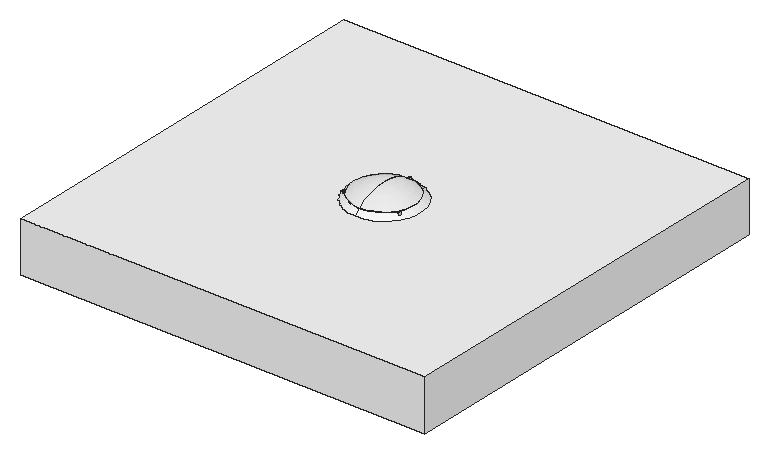
Revit family "Sarlam_Lighting_Bulkhead_Chartres_Infini_T2_Vandal_resistant_Diam_435mm_3000Lm", category Luminaires, Revit 2020
Family settings
  Hôte = Face
  Cote de connecteur circulaire = Utiliser le diamètre
  Type d'élément = Normal
  Couper avec des vides une fois chargée = Non
  Source d'éclairage = Oui
  Partagée = Non
  Point de calcul de pièce = Non
Parameters (values of type "Vandal resistant-ON/OFF")
  Zone plafond formes 1à7 [instance] = and(not(Outer diameter = 328 mm), or([Antivandale Formes 2-4-7]), not([Detection area - Wall]), [Detection area - Ceiling])  # no
  Zone murale formes 1à7 [instance] = and(not(Outer diameter = 328 mm), or([Antivandale Formes 2-4-7]), [Detection area - Wall], not([Detection area - Ceiling]))  # no
  With movement sensor = no
  With light sensor = no
  Width = 435 mm
  Voltage type = "AC"
  Type of dimming = "Not dimmable"
  Type of control gear = "LED operating device current-controlled"
  System power W = 0
  Suitable for wall mounting = yes
  Suitable for suspended mounting = no
  Suitable for surface mounting = yes
  Suitable for ceiling mounting = yes
  Suitable for built-in mounting = no
  Radiation angle = "Open beam"
  Protection Class = "II"
  Outer diameter = 435 mm
  Nominal voltage (Un) V MIN = 207
  Nominal voltage (Un) V MAX = 253
  Nominal current mA MIN = 0
  Nominal current mA MAX = 0
  Material housing = Plastique
  Light sharing = "Symmetric"
  Length = 435 mm
  Lamp type = "LED not exchangeable"
  Lamp power at multiwatt = "21/39W"
  Lamp power W = ""
  Lamp holder = "None"
  Impact strength (IK) = ">IK10"
  Height/depth = 90 mm
  General Conditions of Use = "https://export.legrand.com/en/terms-of-use-BIM-objects"
  Effective luminous flux lm = 3000
  Detection area = ""
  URL = "http://www.legrandoc.com/SL532098"
  built-in parameter 1150107 = 3200 (stored number, unit not read)
  Wattage = 9.2903 W
  built-in parameter 1150110 = 1 (stored number, unit not read)
  built-in parameter 1150109 = 1 (stored number, unit not read)
  built-in parameter 1114218 = 1 (stored number, unit not read)
  built-in parameter 1150113 = 1 (stored number, unit not read)
  built-in parameter 1150112 = 1 (stored number, unit not read)
  built-in parameter 1150137 = (empty or 0)
  built-in parameter 1150132 = (empty or 0)
  Modèle = "SL-532098"
  built-in parameter 1150105 = 109.82 (stored number, unit not read)
  built-in parameter 1150102 = (empty or 0)
  Dimming Lamp Color Temperature Shift = (empty or 0)
  Lumens = 1380 lm
  Color Filter = 16777215
  Fichier de distribution photométrique = "SL532009.ies"
  built-in parameter 1114217 = 1 (stored number, unit not read)
  built-in parameter 1150139 = (empty or 0)
  Fabricant = "LEGRAND"
  Emettre à partir du diamètre du cercle = 300 mm
  Emit Shape Visible in Rendering = no
  built-in parameter 1150104 = 13.8 (stored number, unit not read)
  built-in parameter 1150106 = 1.0982 (stored number, unit not read)
  built-in parameter 1150115 = 1 (stored number, unit not read)
  built-in parameter 1150114 = 1 (stored number, unit not read)
  Description = "CHARTRES INFINI 3000LM 4000K SOLIROC ON/OFF WHITE"
  Degree of protection (IP) = "IP66"
  built-in parameter 1150138 = (empty or 0)
  built-in parameter 1150134 = 3
  Colour temperature K MIN = 4000
  Colour temperature K MAX = 4000
  Colour rendering index CRI = "80-89"
  Colour housing = LEGRAND - White
  Built-in width = 435 mm
  Built-in length = 0 mm
  Built-in height/depth = 0 mm
  Built-in diameter = 0 mm
  Angle de l'inclinaison = 0.00°
  Detection area - Ceiling [instance] = no
  Detection area - Wall [instance] = no
  Elévation par défaut = 2500 mm
  Antivandale Formes 2-4-7 = yes
  Tag [instance] = no
  built-in parameter 1150133 = 10 (stored number, unit not read)
Types (8, lengths in mm): name | With movement sensor | With light sensor | Type of dimming | Impact strength (IK) | Detection area | URL | Modèle | Description | Degree of protection (IP) | Colour housing
  ON/OFF WHITE | no | no | "Not dimmable" | "IK10" | "" | "http://www.legrandoc.com/SL532015" | "SL-532015" | "CHARTRES INFINI 3000LM 4000K AV ON/OFF WHITE" | "IP55" | LEGRAND - White
  ON/OFF ANTHRACITE | no | no | "Not dimmable" | "IK10" | "" | "http://www.legrandoc.com/SL532016" | "SL-532016" | "CHARTRES INFINI 3000LM 4000K AV ON/OFF BLACK" | "IP55" | LEGRAND - Anthracite
  ON/OFF GREY METAL | no | no | "Not dimmable" | "IK10" | "" | "http://www.legrandoc.com/SL532017" | "SL-532017" | "CHARTRES INFINI 3000LM 4000K AV ON/OFF SILVER" | "IP55" | LEGRAND - Grey
  With microwave sensor WHITE | yes | yes | "Other" | "IK10" | "Detection at 2,5m high Ceiling: Ø6m max Wall: Ellipse 16*17m" | "http://www.legrandoc.com/SL532055" | "SL-532055" | "CHARTRES INFINI 3000LM 4000K  AV DETECTION HF WHITE" | "IP55" | LEGRAND - White
  With microwave sensor ANTHRACITE | yes | yes | "Other" | "IK10" | "Detection at 2,5m high Ceiling: Ø6m max Wall: Ellipse 16*17m" | "http://www.legrandoc.com/SL532056" | "SL-532056" | "CHARTRES INFINI 3000LM 4000K  AV DETECTION HF BLACK" | "IP55" | LEGRAND - Anthracite
  With microwave sensor GREY METAL | yes | yes | "Other" | "IK10" | "Detection at 2,5m high Ceiling: Ø6m max Wall: Ellipse 16*17m" | "http://www.legrandoc.com/SL532057" | "SL-532057" | "CHARTRES INFINI 3000LM 4000K  AV DETECTION HF SILVER" | "IP55" | LEGRAND - Grey
  Vandal resistant-ON/OFF | no | no | "Not dimmable" | ">IK10" | "" | "http://www.legrandoc.com/SL532098" | "SL-532098" | "CHARTRES INFINI 3000LM 4000K SOLIROC ON/OFF WHITE" | "IP66" | LEGRAND - White
  Vandal resistant - With microwave sensor | yes | yes | "Other" | ">IK10" | "Detection at 2,5m high Ceiling: Ø6m max Wall: Ellipse 16*17m" | "http://www.legrandoc.com/SL532099" | "SL-532099" | "CHARTRES INFINI 3000LM 4000K  SOLIROC DETECTION HF WHITE" | "IP66" | LEGRAND - White
Reference planes
  plane 1 "Centre (avant/arrière)": y = 0
  plane 2: z = 0
  plane 3 "Centre (gauche/droite)": x = 0
  plane 4: z = 110
Forms (mm)
  Extrusion 1, solid, material "Blanc"
    sketch origin (0, 0, 0) x (1, 0, 0) y (0, 1, 0)
      loop
        line (-1219.2, 1219.2) -> (-1219.2, -1219.2) -> (1219.2, -1219.2) -> (1219.2, 1219.2) -> (-1219.2, 1219.2)
    from 0 to -304.8
Lines and regions (mm)
  model lines, not visible
    curve 1: line (0, 0, 0) -> (0, 0, 2230)
    curve 2: line (0, 0, 0) -> (0, 3300, 0)
    curve 3: line (0, 0, 0) -> (-2620, 0, 0)
Dimensions and locks
  level to plane 4 = 110 mm
  aligned and locked: plane 2 to Extrusion 1
  aligned and locked: level to Extrusion 1
  aligned and locked: imposter light to plane 4
  aligned and locked: plane 3 "Centre (gauche/droite)" to imposter light
Nested families
  nested 1: "Zone de détection murale Chartres-Astreo" at (0, 0, 0) x (0, 0, 1) z (0, -1, 0), visible <- "Detection area - Wall", type "Zone de détection murale"
  nested 2: "Formes 1-2-3-4-6-7-8-9" at (0, 0, 0), type "Formes"
    with Fl 90 mm, Dimension hublot 185.3 mm, Diamètre total 435 mm, Courbure 307.8 mm, Antivandale Formes 2-4-7 yes
  nested 3: "Zone de détection plafond Chartres-Astreo" at (0, 0, 2500), visible <- "Detection area - Ceiling", type "Zone de détection plafond"
    with Zone plafond Formes 8à9 no
  nested 4: "Zone de détection murale Chartres-Astreo" at (0, 0, 0) x (0, 0, 1) z (1, 0, 0), visible <- "Detection area - Wall", type "Zone de détection murale"
  nested 5: "Etiquette de zone" at (-30, 277.5, 0) x (-1, 0, 0) z (0, 0, 1), visible <- "Tag", type "Etiquette de zone"
Connectors
  electrical at (0, 0, 0)
    settings: on nested 2, index 1, voltage 230 V, apparent load 0 VA, apparent load phase1 0 VA, apparent load phase2 0 VA, apparent load phase3 0 VA, power factor 1, load classification "Eclairage", number of poles 1, system type 30, power factor state 1, is connector primary yes, connector utility no, sub classification motor no, connector description ""
Definition of nested family "Formes 1-2-3-4-6-7-8-9"
  Parameters (values of type "Formes")
    Standard Forme 8 = no
    Standard Formes 1-3-6 = no
    Matériau hublot = none
    Matériau corps = none
    Fl = if(Diamètre total < 325 mm, 70 mm, if(Diamètre total = 328 mm, 107 mm, 90 mm))  # 107 mm
    Default Elevation = 0 mm
    Dimension hublot = if(Diamètre total = 300 mm, 121.1 mm, if(Diamètre total = 322 mm, 129.3 mm, if(Diamètre total = 328 mm, 148.6 mm, if(Diamètre total = 420 mm, 179.2 mm, 185.3 mm))))  # 148.6 mm
    Diamètre total = 328 mm
    Courbure = if(Diamètre total = 300 mm, 195.7 mm, if(Diamètre total = 322 mm, 220.2 mm, if(Diamètre total = 328 mm, 179.2 mm, if(Diamètre total = 420 mm, 290 mm, 307.8 mm))))  # 179.2 mm
    Couleur corps = none
    Antivandale Forme 9 = no
    Antivandale Formes 2-4-7 = no
  Reference planes
    plane 1 "Centre (avant/arrière)": y = 0
    plane 2: z = 0
    plane 3 "Centre (gauche/droite)": x = 0
    plane 4: y = 164
    plane 5: y = -164
    plane 6: y = 148.6
  Forms (mm)
    Revolve 1, solid, material <- "Matériau hublot"
      sketch origin (0, 0, 0) x (0, 0, -1) y (0, 1, 0)
        loop
          arc (-28, 148.6) -> (-86.03, 84.151) -> (-107, 0) r 179.2
          line (-107, 0) -> (-28, 0) -> (-28, 148.6)
        axis (-28, 0) -> (-107, 0)
      angle from 0 to 360
  Dimensions and locks
    equal spacing: plane 4, plane 1 "Centre (avant/arrière)", plane 5
    "Diamètre total": plane 4 to plane 5
    equal spacing: plane 5, plane 1 "Centre (avant/arrière)", plane 4
    "Dimension hublot": plane 1 "Centre (avant/arrière)" to plane 6
    "Fl": Revolve 1 sketch curve to plane 2
    "Courbure": radius of Revolve 1 sketch curve
    aligned and locked: level to plane 2
    aligned and locked: plane 6 to Revolve 1 sketch curve
    aligned and locked: plane 2 to nested 2
  Automatic sketch dimensions
    Revolve 1 sketch curve to plane 1 "Centre (avant/arrière)" = 0 mm  (x2)
    level to Revolve 1 sketch curve = 28 mm
    Revolve 1 sketch curve to Revolve 1 sketch curve = 1811.469 mm
    Revolve 1 sketch curve to Revolve 1 sketch curve = 1147.22 mm
  Nested families
    nested 1: "Corps standard Formes 1-3-6" at (0, 0, 0), visible <- "Standard Formes 1-3-6", type "Corps standard Formes 1-3-6"
      with Diamètre 328 mm
    nested 2: "Corps antivandale Formes 2-4-7" at (0, 0, 0), visible <- "Antivandale Formes 2-4-7", type "Corps antivandale Formes 2-4-7"
      with Diamètre 328 mm
    nested 3: "Corps standard Forme 8" at (0, 0, 0), visible <- "Standard Forme 8", type "Corps standard Forme 8"
    nested 4: "Corps antivandale Forme 9" at (0, 0, 0), visible <- "Antivandale Forme 9", type "Corps antivandale Forme 9"
  Definition of nested family "Corps standard Formes 1-3-6"
    Parameters (values of type "Corps standard")
      Matériau corps = none
      Default Elevation = 0 mm
      Couleur corps = none
      Diamètre = 322 mm
      Courbure = if(Diamètre < 400 mm, 195.7 mm, 290 mm)  # 195.7 mm
    Reference planes
      plane 1 "Centre (avant/arrière)": y = 0
      plane 2: z = 0
      plane 3 "Centre (gauche/droite)": x = 0
      plane 4: y = 161
      plane 5: y = -161
      plane 6: z = 28
    Forms (mm)
      Revolve 1, solid, material <- "Couleur corps"
        sketch origin (0, 0, 0) x (0, 0, -1) y (0, 1, 0)
          loop
            line (0, 0) -> (0, 161)
            arc (0, 161) -> (-14.55, 149.906) -> (-28, 137.502) r 195.7
            line (-28, 137.502) -> (-28, 0) -> (0, 0)
          axis (0, 0) -> (-28, 0)
        angle from 0 to 360
    Dimensions and locks
      equal spacing: plane 4, plane 1 "Centre (avant/arrière)", plane 5
      "Diamètre": plane 4 to plane 5
      equal spacing: plane 5, plane 1 "Centre (avant/arrière)", plane 4
      "Courbure": radius of Revolve 1 sketch curve
      aligned and locked: level to plane 2
      aligned and locked: plane 2 to Revolve 1  (x2)
      aligned and locked: Revolve 1 to plane 2
      aligned and locked: plane 6 to Revolve 1
    Automatic sketch dimensions
      Revolve 1 sketch curve to plane 1 "Centre (avant/arrière)" = 0 mm  (x3)
      Revolve 1 sketch curve to plane 6 = 0 mm
      Revolve 1 sketch curve to level = 0 mm
      Revolve 1 sketch curve to plane 4 = 0 mm
      plane 6 to Revolve 1 sketch curve = 1833.51 mm
      Revolve 1 sketch curve to Revolve 1 sketch curve = 1167.217 mm
  Definition of nested family "Corps antivandale Formes 2-4-7"
    Parameters (values of type "Corps antivandale")
      Rayon réseau vis = if(Diamètre < 400 mm, 137.2 mm, 193.2 mm)  # 137.2 mm
      Matériau corps = none
      Default Elevation = 0 mm
      Diamètre = 322 mm
      Courbure = if(Diamètre < 400 mm, 220.2 mm, 307.8 mm)  # 220.2 mm
      Couleur corps = none
    Reference planes
      plane 1 "Centre (avant/arrière)": y = 0
      plane 2: z = 0
      plane 3 "Centre (gauche/droite)": x = 0
      plane 4: y = 161
      plane 5: y = -161
      plane 6: z = 28
      plane 7: through (0, 0, 1200) normal (0.5, 0.866, 0)
      plane 8: through (0, 0, 1200) normal (0.5, -0.866, 0)
    Forms (mm)
      Revolve 1, solid, material <- "Couleur corps"
        sketch origin (0, 0, 0) x (0, 0, -1) y (0, 1, 0)
          loop
            line (0, 0) -> (0, 161)
            arc (0, 161) -> (-14.762, 145.835) -> (-28, 129.323) r 220.2
            line (-28, 129.323) -> (-28, 0) -> (0, 0)
          axis (0, 0) -> (-28, 0)
        angle from 0 to 360
      Extrusion 2, solid, material <- "Couleur corps"
        sketch origin (0, -0.04, 0) x (1, 0, 0) y (0, 1, 0)
          loop
            line (-4, 129.32) -> (-4, 137.3)
            arc (-4, 137.3) -> (0, 141.3) -> (4, 137.3) r 4
            line (4, 137.3) -> (4, 129.32)
            arc (4, 129.32) -> (5, 129.285) -> (6, 129.243) r 129.323
            line (6, 129.243) -> (6, 137.3)
            arc (6, 137.3) -> (0, 143.3) -> (-6, 137.3) r 6
            line (-6, 137.3) -> (-6, 129.243)
            arc (-6, 129.243) -> (-5, 129.285) -> (-4, 129.32) r 129.323
        from 15.189 to 28
      Extrusion 3, solid, material <- "Couleur corps"
        sketch origin (-0.035, 0.02, 0) x (-0.5, -0.866025, 0) y (0.866025, -0.5, 0)
          loop
            line (-4, 129.32) -> (-4, 137.3)
            arc (-4, 137.3) -> (0, 141.3) -> (4, 137.3) r 4
            line (4, 137.3) -> (4, 129.32)
            arc (4, 129.32) -> (5, 129.285) -> (6, 129.243) r 129.323
            line (6, 129.243) -> (6, 137.3)
            arc (6, 137.3) -> (0, 143.3) -> (-6, 137.3) r 6
            line (-6, 137.3) -> (-6, 129.243)
            arc (-6, 129.243) -> (-5, 129.285) -> (-4, 129.32) r 129.323
        from 15.189 to 28
      Extrusion 4, solid, material <- "Couleur corps"
        sketch origin (0.035, 0.02, 0) x (-0.5, 0.866025, 0) y (-0.866025, -0.5, 0)
          loop
            line (-4, 129.32) -> (-4, 137.3)
            arc (-4, 137.3) -> (0, 141.3) -> (4, 137.3) r 4
            line (4, 137.3) -> (4, 129.32)
            arc (4, 129.32) -> (5, 129.285) -> (6, 129.243) r 129.323
            line (6, 129.243) -> (6, 137.3)
            arc (6, 137.3) -> (0, 143.3) -> (-6, 137.3) r 6
            line (-6, 137.3) -> (-6, 129.243)
            arc (-6, 129.243) -> (-5, 129.285) -> (-4, 129.32) r 129.323
        from 15.189 to 28
      Revolve 5, solid
        sketch origin (0, 0.018, -12.656) x (0, 1, 0) y (0, 0, 1)
          loop
            line (136.525, 38.942) -> (136.525, 29.094) -> (136.962, 29.907) -> (137.751, 35.518) -> (140.148, 38.942) -> (136.525, 38.942)
          axis (136.525, 29.094) -> (136.525, 38.942)
        angle from 0 to 360
      Revolve 6, solid
        sketch origin (0.016, -0.009, -12.656) x (0.866025, -0.5, 0) y (0, 0, 1)
          loop
            line (136.525, 38.942) -> (136.525, 29.094) -> (136.962, 29.907) -> (137.751, 35.518) -> (140.148, 38.942) -> (136.525, 38.942)
          axis (136.525, 29.094) -> (136.525, 38.942)
        angle from 0 to 360
      Revolve 7, solid
        sketch origin (-0.016, -0.009, -12.656) x (-0.866025, -0.5, 0) y (0, 0, 1)
          loop
            line (136.525, 38.942) -> (136.525, 29.094) -> (136.962, 29.907) -> (137.751, 35.518) -> (140.148, 38.942) -> (136.525, 38.942)
          axis (136.525, 29.094) -> (136.525, 38.942)
        angle from 0 to 360
    Cuts and joins
      joined: Revolve 1, Extrusion 2
    Lines and regions (mm)
      model lines
        curve 1: line (-2.5, 136.543, 26.285) -> (2.5, 136.543, 26.285)
        curve 2: line (0, 138.995, 26.285) -> (0, 133.995, 26.285)
        curve 3: line (119.5, -66.107, 26.285) -> (117, -70.437, 26.285)
        curve 4: line (120.373, -69.497, 26.285) -> (116.043, -66.997, 26.285)
        curve 5: line (-117, -70.437, 26.285) -> (-119.5, -66.107, 26.285)
        curve 6: line (-120.373, -69.497, 26.285) -> (-116.043, -66.997, 26.285)
    Dimensions and locks
      equal spacing: plane 4, plane 1 "Centre (avant/arrière)", plane 5
      "Diamètre": plane 4 to plane 5
      equal spacing: plane 5, plane 1 "Centre (avant/arrière)", plane 4
      "Courbure": radius of Revolve 1 sketch curve
      "Rayon réseau vis": radius of radial array
      aligned and locked: level to plane 2
      aligned and locked: plane 2 to Revolve 1  (x2)
      aligned and locked: Revolve 1 to plane 2
      aligned and locked: plane 6 to Revolve 1
    Automatic sketch dimensions
      Extrusion 2 sketch curve to Extrusion 2 sketch curve = 0 mm  (x9)
      Extrusion 2 sketch curve to Extrusion 2 sketch curve = 7.98 mm
      Extrusion 2 sketch curve to Extrusion 2 sketch curve = 0.077 mm
      Extrusion 2 sketch curve to Extrusion 2 sketch curve = 2 mm
      Extrusion 2 sketch curve to Extrusion 2 sketch curve = 4 mm
      Extrusion 2 sketch curve to Extrusion 2 sketch curve = 6 mm
      Extrusion 3 sketch curve to Extrusion 3 sketch curve = 0 mm  (x9)
      Extrusion 3 sketch curve to Extrusion 3 sketch curve = 7.98 mm
      Extrusion 3 sketch curve to Extrusion 3 sketch curve = 0.077 mm
      Extrusion 3 sketch curve to Extrusion 3 sketch curve = 2 mm
      Extrusion 3 sketch curve to Extrusion 3 sketch curve = 4 mm
      Extrusion 3 sketch curve to Extrusion 3 sketch curve = 6 mm
      Extrusion 4 sketch curve to Extrusion 4 sketch curve = 0 mm  (x9)
      Extrusion 4 sketch curve to Extrusion 4 sketch curve = 7.98 mm
      Extrusion 4 sketch curve to Extrusion 4 sketch curve = 0.077 mm
      Extrusion 4 sketch curve to Extrusion 4 sketch curve = 2 mm
      Extrusion 4 sketch curve to Extrusion 4 sketch curve = 4 mm
      Extrusion 4 sketch curve to Extrusion 4 sketch curve = 6 mm
      Revolve 7 sketch curve to Revolve 7 sketch curve = 0.437 mm  (x2)
      Revolve 7 sketch curve to Revolve 7 sketch curve = 1.226 mm  (x2)
      Revolve 7 sketch curve to Revolve 7 sketch curve = 2.397 mm
      Revolve 7 sketch curve to Revolve 7 sketch curve = 0.813 mm  (x2)
      Revolve 7 sketch curve to Revolve 7 sketch curve = 5.611 mm  (x2)
      Revolve 7 sketch curve to Revolve 7 sketch curve = 3.424 mm  (x2)
      Revolve 7 sketch curve to Revolve 7 sketch curve = 0 mm  (x2)
      Revolve 7 sketch curve to Revolve 7 sketch curve = 0.975 mm
      Revolve 7 sketch curve to Revolve 7 sketch curve = 3.281 mm  (x2)
      Revolve 5 sketch curve to Revolve 5 sketch curve = 0.437 mm  (x2)
      Revolve 5 sketch curve to Revolve 5 sketch curve = 1.226 mm  (x2)
      Revolve 5 sketch curve to Revolve 5 sketch curve = 3.623 mm
      Revolve 5 sketch curve to Revolve 5 sketch curve = 5.611 mm  (x2)
      Revolve 5 sketch curve to Revolve 5 sketch curve = 3.424 mm  (x2)
      Revolve 5 sketch curve to Revolve 5 sketch curve = 0 mm  (x2)
      Revolve 5 sketch curve to Revolve 5 sketch curve = 0.813 mm  (x2)
      Revolve 5 sketch curve to Revolve 5 sketch curve = 0.162 mm
      Revolve 5 sketch curve to Revolve 5 sketch curve = 3.281 mm  (x2)
      Revolve 6 sketch curve to Revolve 6 sketch curve = 0.437 mm  (x2)
      Revolve 6 sketch curve to Revolve 6 sketch curve = 1.226 mm  (x2)
      Revolve 6 sketch curve to Revolve 6 sketch curve = 3.623 mm
      Revolve 6 sketch curve to Revolve 6 sketch curve = 5.611 mm  (x2)
      Revolve 6 sketch curve to Revolve 6 sketch curve = 3.424 mm  (x2)
      Revolve 6 sketch curve to Revolve 6 sketch curve = 0 mm  (x2)
      Revolve 6 sketch curve to Revolve 6 sketch curve = 0.813 mm  (x2)
      Revolve 6 sketch curve to Revolve 6 sketch curve = 0.162 mm
      Revolve 6 sketch curve to Revolve 6 sketch curve = 3.281 mm  (x2)
      Revolve 7 sketch curve to Revolve 7 sketch curve = 3.623 mm
      Revolve 7 sketch curve to Revolve 7 sketch curve = 0.162 mm
      curve 2 to Revolve 5 = 0 mm
      curve 2 to curve 1 = 2.548 mm
      curve 1 to curve 2 = 2.452 mm
      Revolve 5 to curve 1 = 2.5 mm
      curve 1 to Revolve 5 = 2.5 mm
      curve 4 to Revolve 6 = 0 mm
      curve 4 to curve 3 = 2.548 mm
      curve 3 to curve 4 = 2.452 mm
      Revolve 6 to curve 3 = 2.5 mm
      curve 3 to Revolve 6 = 2.5 mm
      curve 6 to Revolve 7 = 0 mm
      curve 6 to curve 5 = 2.548 mm
      curve 5 to curve 6 = 2.452 mm
      Revolve 7 to curve 5 = 2.5 mm
      curve 5 to Revolve 7 = 2.5 mm
      Revolve 5 sketch curve to Revolve 5 sketch curve = 2.397 mm
      Revolve 5 sketch curve to Revolve 5 sketch curve = 0.975 mm
      Revolve 6 sketch curve to Revolve 6 sketch curve = 2.397 mm
      Revolve 6 sketch curve to Revolve 6 sketch curve = 0.975 mm
      Revolve 1 sketch curve to plane 1 "Centre (avant/arrière)" = 0 mm  (x3)
      Revolve 1 sketch curve to plane 6 = 0 mm
      Revolve 1 sketch curve to level = 0 mm
      Revolve 1 sketch curve to plane 4 = 0 mm
      plane 6 to Revolve 1 sketch curve = 1833.51 mm
      Revolve 1 sketch curve to Revolve 1 sketch curve = 1128.321 mm
  Definition of nested family "Corps standard Forme 8"
    Parameters (values of type "Corps standard Forme 8")
      Matériau corps = none
      Default Elevation = 0 mm
      Couleur corps = none
      Diamètre = 328 mm
    Reference planes
      plane 1 "Centre (avant/arrière)": y = 0
      plane 2: z = 0
      plane 3 "Centre (gauche/droite)": x = 0
      plane 4: y = 164
      plane 5: y = -164
      plane 6: z = 28
      plane 7: y = 7.5
      plane 8: y = -7.5
    Forms (mm)
      Revolve 1, solid, material <- "Couleur corps"
        sketch origin (0, 0, 0) x (0, 0, -1) y (0, 1, 0)
          loop
            line (0, 0) -> (0, 164)
            arc (0, 164) -> (-14.345, 156.905) -> (-28, 148.559) r 179.182
            line (-28, 148.559) -> (-28, 0) -> (0, 0)
          axis (0, 0) -> (-28, 0)
        angle from 0 to 360
      Sweep 2, void
        path origin (0, 0, 0) x (1, 0, 0) y (0, 1, 0)
          loop
            arc (153.049, 7.5) -> (0, 153.232) -> (-153.049, 7.5) r 153.232
        profile origin (0, 153.232, 0) x (0, -1, 0) y (0, 0, 1)
          loop
            line (-5.469, 6.213) -> (-10.469, 16.465) -> (-10.469, 6.213) -> (-5.469, 6.213)
      Sweep 3, void
        path origin (0, 0, 0) x (1, 0, 0) y (0, 1, 0)
          loop
            arc (153.049, 7.5) -> (0, 153.232) -> (-153.049, 7.5) r 153.232
        profile origin (0, 153.232, 0) x (0, -1, 0) y (0, 0, 1)
          loop
            line (-1.643, 13.471) -> (-6.643, 23.723) -> (-6.643, 13.471) -> (-1.643, 13.471)
      Sweep 4, void
        path origin (0, 0, 0) x (1, 0, 0) y (0, -1, 0)
          loop
            arc (153.049, 7.5) -> (0, 153.232) -> (-153.049, 7.5) r 153.232
        profile origin (0, -153.232, 0) x (0, -1, 0) y (0, 0, 1)
          loop
            line (1.643, 13.471) -> (6.643, 13.471) -> (6.643, 23.723) -> (1.643, 13.471)
      Sweep 5, void
        path origin (0, 0, 0) x (1, 0, 0) y (0, -1, 0)
          loop
            arc (153.049, 7.5) -> (0, 153.232) -> (-153.049, 7.5) r 153.232
        profile origin (0, -153.232, 0) x (0, -1, 0) y (0, 0, 1)
          loop
            line (5.469, 6.213) -> (10.469, 6.213) -> (10.469, 16.465) -> (5.469, 6.213)
    Cuts and joins
      Sweep 2, Sweep 3, Sweep 4, Sweep 5 cuts Revolve 1
    Dimensions and locks
      equal spacing: plane 4, plane 1 "Centre (avant/arrière)", plane 5
      "Diamètre": plane 4 to plane 5
      equal spacing: plane 5, plane 1 "Centre (avant/arrière)", plane 4
      aligned and locked: level to plane 2
      aligned and locked: plane 2 to Revolve 1  (x2)
      aligned and locked: Revolve 1 to plane 2
      aligned and locked: plane 6 to Revolve 1
    Automatic sketch dimensions
      Sweep 2 sketch curve to plane 7 = 0 mm  (x2)
      plane 1 "Centre (avant/arrière)" to Sweep 2 sketch curve = 0 mm
      Sweep 2 sketch curve to plane 3 "Centre (gauche/droite)" = 0 mm
      Sweep 2 sketch curve to plane 3 "Centre (gauche/droite)" = 153.049 mm
      Sweep 3 sketch curve to plane 7 = 0 mm  (x2)
      plane 1 "Centre (avant/arrière)" to Sweep 3 sketch curve = 0 mm
      Sweep 3 sketch curve to plane 3 "Centre (gauche/droite)" = 0 mm
      Sweep 3 sketch curve to plane 3 "Centre (gauche/droite)" = 153.049 mm
      Sweep 4 sketch curve to plane 8 = 0 mm  (x2)
      plane 1 "Centre (avant/arrière)" to Sweep 4 sketch curve = 0 mm
      Sweep 4 sketch curve to plane 3 "Centre (gauche/droite)" = 0 mm
      plane 3 "Centre (gauche/droite)" to Sweep 4 sketch curve = 153.049 mm
      Sweep 5 sketch curve to plane 8 = 0 mm  (x2)
      plane 1 "Centre (avant/arrière)" to Sweep 5 sketch curve = 0 mm
      Sweep 5 sketch curve to plane 3 "Centre (gauche/droite)" = 0 mm
      plane 3 "Centre (gauche/droite)" to Sweep 5 sketch curve = 153.049 mm
      Revolve 1 sketch curve to plane 1 "Centre (avant/arrière)" = 0 mm  (x3)
      Revolve 1 sketch curve to plane 6 = 0 mm
      Revolve 1 sketch curve to level = 0 mm
      Revolve 1 sketch curve to plane 4 = 0 mm
      Revolve 1 sketch curve to Revolve 1 sketch curve = 72.182 mm
      plane 6 to Revolve 1 sketch curve = 1833.51 mm
      Revolve 1 sketch curve to Revolve 1 sketch curve = 1201.817 mm
      profile plane to Sweep 2 sketch curve = 10.469 mm
      Sweep 2 sketch curve to Sweep 2 sketch curve = 5 mm
      level to Sweep 2 sketch curve = 6.213 mm
      Sweep 2 sketch curve to Sweep 2 sketch curve = 10.252 mm
      profile plane to Sweep 3 sketch curve = 6.643 mm
      profile plane to Sweep 3 sketch curve = 1.643 mm
      level to Sweep 3 sketch curve = 13.471 mm
      Sweep 3 sketch curve to Sweep 3 sketch curve = 10.252 mm
      Sweep 4 sketch curve to profile plane = 1.643 mm
      Sweep 4 sketch curve to profile plane = 6.643 mm
      level to Sweep 4 sketch curve = 13.471 mm
      Sweep 4 sketch curve to Sweep 4 sketch curve = 10.252 mm
      Sweep 5 sketch curve to profile plane = 5.469 mm
      Sweep 5 sketch curve to profile plane = 10.469 mm
      level to Sweep 5 sketch curve = 6.213 mm
      Sweep 5 sketch curve to Sweep 5 sketch curve = 10.252 mm
  Definition of nested family "Corps antivandale Forme 9"
    Parameters (values of type "Corps antivandale Forme 9")
      Matériau corps = none
      Default Elevation = 0 mm
      Couleur corps = none
      Diamètre = 328 mm
    Reference planes
      plane 1 "Centre (avant/arrière)": y = 0
      plane 2: z = 0
      plane 3 "Centre (gauche/droite)": x = 0
      plane 4: y = 164
      plane 5: y = -164
      plane 6: z = 28
      plane 7: y = 7.5
      plane 8: y = -7.5
    Forms (mm)
      Revolve 1, solid, material <- "Couleur corps"
        sketch origin (0, 0, 0) x (0, 0, -1) y (0, 1, 0)
          loop
            line (0, 0) -> (0, 164)
            arc (0, 164) -> (-14.345, 156.905) -> (-28, 148.559) r 179.182
            line (-28, 148.559) -> (-28, 0) -> (0, 0)
          axis (0, 0) -> (-28, 0)
        angle from 0 to 360
      Extrusion 2, void
        sketch origin (-1.406, 0, 0) x (1, 0, 0) y (0, 1, 0)
          loop
            circle (157.486, 0) r 5
        from 5.665 to 28
      Sweep 3, void
        path origin (0, 0, 0) x (1, 0, 0) y (0, 1, 0)
          loop
            arc (153.049, 7.5) -> (0, 153.232) -> (-153.049, 7.5) r 153.232
        profile origin (0, 153.232, 0) x (0, -1, 0) y (0, 0, 1)
          loop
            line (-5.469, 6.213) -> (-10.469, 16.465) -> (-10.469, 6.213) -> (-5.469, 6.213)
      Extrusion 4, void
        sketch origin (1.406, 0, 0) x (-1, 0, 0) y (0, -1, 0)
          loop
            circle (157.486, 0) r 5
        from 5.665 to 28
      Sweep 5, void
        path origin (0, 0, 0) x (1, 0, 0) y (0, 1, 0)
          loop
            arc (153.049, 7.5) -> (0, 153.232) -> (-153.049, 7.5) r 153.232
        profile origin (0, 153.232, 0) x (0, -1, 0) y (0, 0, 1)
          loop
            line (-1.643, 13.471) -> (-6.643, 23.723) -> (-6.643, 13.471) -> (-1.643, 13.471)
      Sweep 6, void
        path origin (0, 0, 0) x (1, 0, 0) y (0, -1, 0)
          loop
            arc (153.049, 7.5) -> (0, 153.232) -> (-153.049, 7.5) r 153.232
        profile origin (0, -153.232, 0) x (0, -1, 0) y (0, 0, 1)
          loop
            line (1.643, 13.471) -> (6.643, 13.471) -> (6.643, 23.723) -> (1.643, 13.471)
      Sweep 7, void
        path origin (0, 0, 0) x (1, 0, 0) y (0, -1, 0)
          loop
            arc (153.049, 7.5) -> (0, 153.232) -> (-153.049, 7.5) r 153.232
        profile origin (0, -153.232, 0) x (0, -1, 0) y (0, 0, 1)
          loop
            line (5.469, 6.213) -> (10.469, 6.213) -> (10.469, 16.465) -> (5.469, 6.213)
      Revolve 8, solid
        sketch origin (-156.149, -136.533, -30.469) x (0, 1, 0) y (0, 0, 1)
          loop
            line (136.525, 38.942) -> (136.525, 31.651) -> (137.319, 32.445) -> (137.923, 36.741) -> (139.106, 38.942) -> (136.525, 38.942)
          axis (136.525, 31.651) -> (136.525, 38.942)
        angle from 0 to 360
      Revolve 9, solid
        sketch origin (156.149, -136.533, -30.469) x (0, 1, 0) y (0, 0, -1)
          loop
            line (136.525, -38.942) -> (139.106, -38.942) -> (137.923, -36.741) -> (137.319, -32.445) -> (136.525, -31.651) -> (136.525, -38.942)
          axis (136.525, -31.651) -> (136.525, -38.942)
        angle from 0 to 360
    Cuts and joins
      Extrusion 2, Sweep 3, Extrusion 4, Sweep 5, Sweep 6, Sweep 7 cuts Revolve 1
    Lines and regions (mm)
      model lines
        curve 1: line (-156.149, 1.39, 8.473) -> (-156.149, -1.406, 8.473)
        curve 2: line (-157.503, 0, 8.473) -> (-154.615, 0, 8.473)
        curve 3: line (156.149, 1.39, 8.473) -> (156.149, -1.406, 8.473)
        curve 4: line (157.503, 0, 8.473) -> (154.615, 0, 8.473)
    Dimensions and locks
      equal spacing: plane 4, plane 1 "Centre (avant/arrière)", plane 5
      "Diamètre": plane 4 to plane 5
      equal spacing: plane 5, plane 1 "Centre (avant/arrière)", plane 4
      aligned and locked: level to plane 2
      aligned and locked: plane 2 to Revolve 1  (x2)
      aligned and locked: Revolve 1 to plane 2
      aligned and locked: plane 6 to Revolve 1
    Automatic sketch dimensions
      plane 1 "Centre (avant/arrière)" to Extrusion 2 sketch curve = 0 mm
      plane 3 "Centre (gauche/droite)" to Extrusion 2 sketch curve = 156.08 mm
      Sweep 3 sketch curve to plane 7 = 0 mm  (x2)
      plane 1 "Centre (avant/arrière)" to Sweep 3 sketch curve = 0 mm
      Sweep 3 sketch curve to plane 3 "Centre (gauche/droite)" = 0 mm
      Sweep 3 sketch curve to plane 3 "Centre (gauche/droite)" = 153.049 mm
      plane 1 "Centre (avant/arrière)" to Extrusion 4 sketch curve = 0 mm
      plane 3 "Centre (gauche/droite)" to Extrusion 4 sketch curve = 156.08 mm
      Sweep 5 sketch curve to plane 7 = 0 mm  (x2)
      plane 1 "Centre (avant/arrière)" to Sweep 5 sketch curve = 0 mm
      Sweep 5 sketch curve to plane 3 "Centre (gauche/droite)" = 0 mm
      Sweep 5 sketch curve to plane 3 "Centre (gauche/droite)" = 153.049 mm
      Sweep 6 sketch curve to plane 8 = 0 mm  (x2)
      plane 1 "Centre (avant/arrière)" to Sweep 6 sketch curve = 0 mm
      Sweep 6 sketch curve to plane 3 "Centre (gauche/droite)" = 0 mm
      plane 3 "Centre (gauche/droite)" to Sweep 6 sketch curve = 153.049 mm
      Sweep 7 sketch curve to plane 8 = 0 mm  (x2)
      plane 1 "Centre (avant/arrière)" to Sweep 7 sketch curve = 0 mm
      Sweep 7 sketch curve to plane 3 "Centre (gauche/droite)" = 0 mm
      plane 3 "Centre (gauche/droite)" to Sweep 7 sketch curve = 153.049 mm
      Revolve 1 sketch curve to plane 1 "Centre (avant/arrière)" = 0 mm  (x3)
      Revolve 1 sketch curve to plane 6 = 0 mm
      Revolve 1 sketch curve to level = 0 mm
      Revolve 1 sketch curve to plane 4 = 0 mm
      Revolve 1 sketch curve to Revolve 1 sketch curve = 72.182 mm
      plane 6 to Revolve 1 sketch curve = 1833.51 mm
      Revolve 1 sketch curve to Revolve 1 sketch curve = 1201.817 mm
      profile plane to Sweep 3 sketch curve = 10.469 mm
      Sweep 3 sketch curve to Sweep 3 sketch curve = 5 mm
      level to Sweep 3 sketch curve = 6.213 mm
      Sweep 3 sketch curve to Sweep 3 sketch curve = 10.252 mm
      profile plane to Sweep 5 sketch curve = 6.643 mm
      profile plane to Sweep 5 sketch curve = 1.643 mm
      level to Sweep 5 sketch curve = 13.471 mm
      Sweep 5 sketch curve to Sweep 5 sketch curve = 10.252 mm
      Sweep 6 sketch curve to profile plane = 1.643 mm
      Sweep 6 sketch curve to profile plane = 6.643 mm
      level to Sweep 6 sketch curve = 13.471 mm
      Sweep 6 sketch curve to Sweep 6 sketch curve = 10.252 mm
      Sweep 7 sketch curve to profile plane = 5.469 mm
      Sweep 7 sketch curve to profile plane = 10.469 mm
      level to Sweep 7 sketch curve = 6.213 mm
      Sweep 7 sketch curve to Sweep 7 sketch curve = 10.252 mm
      plane 1 "Centre (avant/arrière)" to Revolve 8 sketch curve = 0.008 mm  (x2)
      Revolve 8 sketch curve to plane 1 "Centre (avant/arrière)" = 0.786 mm
      Revolve 8 sketch curve to plane 1 "Centre (avant/arrière)" = 1.39 mm
      Revolve 8 sketch curve to Revolve 8 sketch curve = 1.183 mm
      level to Revolve 8 sketch curve = 1.183 mm
      Revolve 8 sketch curve to Revolve 8 sketch curve = 0.794 mm
      Revolve 8 sketch curve to Revolve 8 sketch curve = 4.296 mm
      Revolve 8 sketch curve to Revolve 8 sketch curve = 2.201 mm
      Revolve 8 sketch curve to level = 0.4 mm
      Revolve 8 sketch curve to Revolve 8 sketch curve = 3.281 mm
      plane 1 "Centre (avant/arrière)" to Revolve 9 sketch curve = 0.008 mm  (x2)
      Revolve 9 sketch curve to plane 1 "Centre (avant/arrière)" = 0.786 mm
      Revolve 9 sketch curve to plane 1 "Centre (avant/arrière)" = 1.39 mm
      Revolve 9 sketch curve to Revolve 9 sketch curve = 1.183 mm
      level to Revolve 9 sketch curve = 8.473 mm
      Revolve 9 sketch curve to Revolve 9 sketch curve = 2.201 mm
      level to Revolve 9 sketch curve = 1.977 mm
      Revolve 9 sketch curve to Revolve 9 sketch curve = 0.794 mm
      Revolve 9 sketch curve to Revolve 9 sketch curve = 3.281 mm
      Revolve 9 sketch curve to level = 0.4 mm
      curve 1 to Revolve 8 = 0 mm
      curve 1 to curve 3 = 0 mm
      curve 1 to curve 2 = 1.406 mm
      curve 3 to curve 4 = 1.406 mm
      curve 4 to curve 3 = 1.39 mm
      curve 2 to curve 1 = 1.39 mm
      Revolve 8 to curve 2 = 1.534 mm
      curve 4 to curve 2 = 309.23 mm
      curve 3 to curve 4 = 1.534 mm
      curve 4 to curve 3 = 1.354 mm
      curve 2 to Revolve 8 = 1.354 mm
      radius of Extrusion 2 sketch curve = 5 mm
      radius of Extrusion 4 sketch curve = 5 mm
Definition of nested family "Zone de détection murale Chartres-Astreo"
  Parameters (values of type "Zone de détection murale")
    Zone murale Formes 8à9 = no
    Zone murale Formes 1à7 = no
  Reference planes
    plane 1 "Centre (avant/arrière)": y = 0
    plane 2: z = 0
    plane 3 "Centre (gauche/droite)": x = 0
    plane 4: x = 3500
    plane 5: y = 1000
    plane 6: x = 10000
    plane 7: y = 3500
    plane 8: x = 13000
    plane 9: y = 4000
    plane 10: x = 17000
    plane 11: y = 8000
    plane 12: x = 6000
    plane 13: x = 8000
  Lines and regions (mm)
    detail lines, in view "Niveau de réf.", visible <- "Zone murale Formes 1à7"
      curve 1: spline (0, 0, 0) -> (59.63, 258.819, 0) -> (234.456, 500, 0) -> (512.563, 707.107, 0) -> (875, 866.025, 0) -> (1297.067, 965.926, 0) -> (1750, 1000, 0) -> (2202.933, 965.926, 0) -> (2625, 866.025, 0) -> (2987.437, 707.107, 0) -> (3265.544, 500, 0) -> (3440.37, 258.819, 0) -> (3500, 0, 0) -> (3440.37, -258.819, 0) -> (3265.544, -500, 0) -> (2987.437, -707.107, 0) -> (2625, -866.025, 0) -> (2202.933, -965.926, 0) -> (1750, -1000, 0) -> (1297.067, -965.926, 0) -> (875, -866.025, 0) -> (512.563, -707.107, 0) -> (234.456, -500, 0) -> (59.63, -258.819, 0) -> (0, 0, 0)
      curve 2: spline (0, 0, 0) -> (170.371, 905.867, 0) -> (669.873, 1750, 0) -> (1464.466, 2474.874, 0) -> (2500, 3031.089, 0) -> (3705.905, 3380.74, 0) -> (5000, 3500, 0) -> (6294.095, 3380.74, 0) -> (7500, 3031.089, 0) -> (8535.534, 2474.874, 0) -> (9330.127, 1750, 0) -> (9829.629, 905.867, 0) -> (10000, 0, 0) -> (9829.629, -905.867, 0) -> (9330.127, -1750, 0) -> (8535.534, -2474.874, 0) -> (7500, -3031.089, 0) -> (6294.095, -3380.74, 0) -> (5000, -3500, 0) -> (3705.905, -3380.74, 0) -> (2500, -3031.089, 0) -> (1464.466, -2474.874, 0) -> (669.873, -1750, 0) -> (170.371, -905.867, 0) -> (0, 0, 0)
      curve 3: spline (0, 0, 0) -> (221.482, 1035.276, 0) -> (870.835, 2000, 0) -> (1903.806, 2828.427, 0) -> (3250, 3464.102, 0) -> (4817.676, 3863.703, 0) -> (6500, 4000, 0) -> (8182.324, 3863.703, 0) -> (9750, 3464.102, 0) -> (11096.194, 2828.427, 0) -> (12129.165, 2000, 0) -> (12778.518, 1035.276, 0) -> (13000, 0, 0) -> (12778.518, -1035.276, 0) -> (12129.165, -2000, 0) -> (11096.194, -2828.427, 0) -> (9750, -3464.102, 0) -> (8182.324, -3863.703, 0) -> (6500, -4000, 0) -> (4817.676, -3863.703, 0) -> (3250, -3464.102, 0) -> (1903.806, -2828.427, 0) -> (870.835, -2000, 0) -> (221.482, -1035.276, 0) -> (0, 0, 0)
      curve 4: spline (0, 0, 0) -> (289.63, 2070.552, 0) -> (1138.784, 4000, 0) -> (2489.592, 5656.854, 0) -> (4250, 6928.203, 0) -> (6300.038, 7727.407, 0) -> (8500, 8000, 0) -> (10699.962, 7727.407, 0) -> (12750, 6928.203, 0) -> (14510.408, 5656.854, 0) -> (15861.216, 4000, 0) -> (16710.37, 2070.552, 0) -> (17000, 0, 0) -> (16710.37, -2070.552, 0) -> (15861.216, -4000, 0) -> (14510.408, -5656.854, 0) -> (12750, -6928.203, 0) -> (10699.962, -7727.407, 0) -> (8500, -8000, 0) -> (6300.038, -7727.407, 0) -> (4250, -6928.203, 0) -> (2489.592, -5656.854, 0) -> (1138.784, -4000, 0) -> (289.63, -2070.552, 0) -> (0, 0, 0)
    detail lines, in view "Niveau de réf.", visible <- "Zone murale Formes 8à9"
      curve 5: spline (0, 0, 0) -> (102.223, 258.819, 0) -> (401.924, 500, 0) -> (878.68, 707.107, 0) -> (1500, 866.025, 0) -> (2223.543, 965.926, 0) -> (3000, 1000, 0) -> (3776.457, 965.926, 0) -> (4500, 866.025, 0) -> (5121.32, 707.107, 0) -> (5598.076, 500, 0) -> (5897.777, 258.819, 0) -> (6000, 0, 0) -> (5897.777, -258.819, 0) -> (5598.076, -500, 0) -> (5121.32, -707.107, 0) -> (4500, -866.025, 0) -> (3776.457, -965.926, 0) -> (3000, -1000, 0) -> (2223.543, -965.926, 0) -> (1500, -866.025, 0) -> (878.68, -707.107, 0) -> (401.924, -500, 0) -> (102.223, -258.819, 0) -> (0, 0, 0)
      curve 6: spline (0, 0, 0) -> (136.297, 647.048, 0) -> (535.898, 1250, 0) -> (1171.573, 1767.767, 0) -> (2000, 2165.064, 0) -> (2964.724, 2414.815, 0) -> (4000, 2500, 0) -> (5035.276, 2414.815, 0) -> (6000, 2165.064, 0) -> (6828.427, 1767.767, 0) -> (7464.102, 1250, 0) -> (7863.703, 647.048, 0) -> (8000, 0, 0) -> (7863.703, -647.048, 0) -> (7464.102, -1250, 0) -> (6828.427, -1767.767, 0) -> (6000, -2165.064, 0) -> (5035.276, -2414.815, 0) -> (4000, -2500, 0) -> (2964.724, -2414.815, 0) -> (2000, -2165.064, 0) -> (1171.573, -1767.767, 0) -> (535.898, -1250, 0) -> (136.297, -647.048, 0) -> (0, 0, 0)
      curve 7: spline (0, 0, 0) -> (170.371, 1035.276, 0) -> (669.873, 2000, 0) -> (1464.466, 2828.427, 0) -> (2500, 3464.102, 0) -> (3705.905, 3863.703, 0) -> (5000, 4000, 0) -> (6294.095, 3863.703, 0) -> (7500, 3464.102, 0) -> (8535.534, 2828.427, 0) -> (9330.127, 2000, 0) -> (9829.629, 1035.276, 0) -> (10000, 0, 0) -> (9829.629, -1035.276, 0) -> (9330.127, -2000, 0) -> (8535.534, -2828.427, 0) -> (7500, -3464.102, 0) -> (6294.095, -3863.703, 0) -> (5000, -4000, 0) -> (3705.905, -3863.703, 0) -> (2500, -3464.102, 0) -> (1464.466, -2828.427, 0) -> (669.873, -2000, 0) -> (170.371, -1035.276, 0) -> (0, 0, 0)
  Dimensions and locks
    plane 3 "Centre (gauche/droite)" to plane 4 = 3500 mm
    plane 1 "Centre (avant/arrière)" to plane 5 = 1000 mm
    plane 3 "Centre (gauche/droite)" to plane 6 = 10000 mm
    plane 7 to plane 1 "Centre (avant/arrière)" = 3500 mm
    plane 3 "Centre (gauche/droite)" to plane 8 = 13000 mm
    plane 1 "Centre (avant/arrière)" to plane 9 = 4000 mm
    plane 3 "Centre (gauche/droite)" to plane 10 = 17000 mm
    plane 1 "Centre (avant/arrière)" to plane 11 = 8000 mm
    plane 3 "Centre (gauche/droite)" to plane 12 = 6000 mm
    plane 3 "Centre (gauche/droite)" to plane 13 = 8000 mm
Definition of nested family "Zone de détection plafond Chartres-Astreo"
  Parameters (values of type "Zone de détection plafond")
    Zone plafond Formes 8à9 = yes
    Zone plafond Formes 1à7 = no
  Reference planes
    plane 1 "Centre (avant/arrière)": y = 0
    plane 2: z = 0
    plane 3 "Centre (gauche/droite)": x = 0
  Lines and regions (mm)
    detail lines, in view "Niveau de réf.", visible <- "Zone plafond Formes 1à7"
      curve 1: circle (0, 0, 0) r 500 normal (0, 0, 1)
      curve 2: circle (0, 0, 0) r 1000 normal (0, 0, 1)
      curve 3: circle (0, 0, 0) r 2000 normal (0, 0, 1)
      curve 4: circle (0, 0, 0) r 3000 normal (0, 0, 1)
    detail lines, in view "Niveau de réf.", visible <- "Zone plafond Formes 8à9"
      curve 5: circle (0, 0, 0) r 1500 normal (0, 0, 1)
      curve 6: circle (0, 0, 0) r 4000 normal (0, 0, 1)
      curve 7: circle (0, 0, 0) r 6000 normal (0, 0, 1)
Definition of nested family "Etiquette de zone"
  Parameters (values of type "Etiquette de zone")
    Etiquette de zone = ""
  Reference planes
    plane 1: y = 0
    plane 2: x = 0
  Text (mm)
    label "Etiquette de zone" at (0.013, -4.46, 0), shows "Etiquette de zone"
